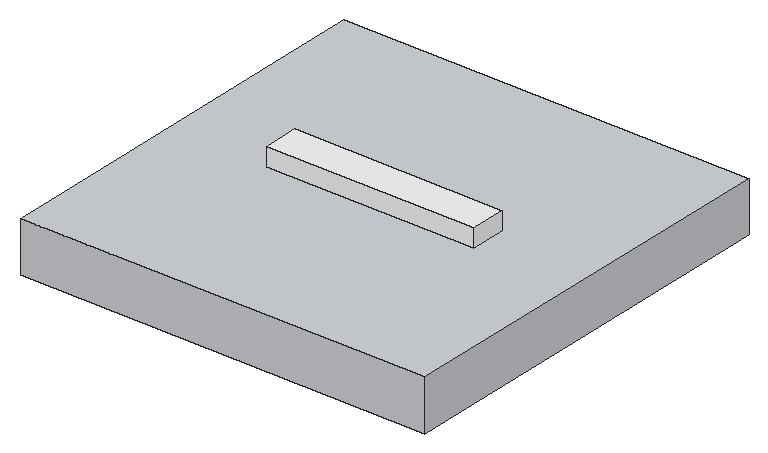
Revit family "EL-LF-HH4532A2AHN_()0000003062_Facebased_ver-2-0_2022_tsuujou_LDL40TN1725G3", category 照明器具, Revit 2022
Family settings
  ホスト = 面
  丸型コネクタ寸法 = 直径を使用
  パーツ タイプ = 標準
  ロード時にボイドで切り取り = いいえ
  光源 = いいえ
  注釈の向きを維持 = いいえ
  共有 = いいえ
  部屋計算ポイント = いいえ
Parameters (values of type "_固定出力_初期照度補正機能搭載なし__")
  電源種別_記号 = ""
  電源種別 = ""
  電圧指定 = 1
  防災用照明器具電源種別 = ""
  防災用照明器具種類 = ""
  開口部寸法(径) = 0 mm
  開口部寸法(幅) = 0 mm
  開口部寸法(奥行) = 0 mm
  配光角 = 0
  運転質量 = 0.00 kg
  質量 = 0.00 kg
  負荷分類 = none
  Description = ""
  誘導灯形式 = ""
  誘導灯仕様 = ""
  認定番号 = ""
  設置面露出寸法 [instance] = 108 mm
  設置方法 = "直付"
  記号 = ""
  製造元 = "三菱電機照明株式会社"
  製品質量 = 0.00 kg
  製品出荷対象 = ""
  製品リリース年月 = ""
  製品グループ = ""
  背面形式 = ""
  系統2 [instance] = ""
  系統 [instance] = ""
  符号 = ""
  積算_科目2 = ""
  積算_科目 = "1 電灯設備"
  積算_拾い区分 [instance] = ""
  種別 [instance] = ""
  相 = 1
  直径 = 0 mm
  盤記号2 [instance] = ""
  盤記号 [instance] = ""
  Apparent Load = 定格入力電圧 * 定格入力電流  # 43 VA
  用途 = ""
  特殊仕様 [instance] = ""
  built-in parameter 1140040 [instance] = 1
  照明制御装置の種類 = ""
  消費電力3 = 42.0 W
  消費電力2 = 42.0 W
  消費電力1 = 42.0 W
  法定耐用年数 = ""
  極数 = 1
  材質_本体 = none
  材質_反射板 = none
  材質_ルーバー = none
  材質_カバー = none
  材質 [instance] = ""
  本体 [instance] = 本体(グレー)
  Default Elevation = 1219.2 mm
  形式 = "笠付"
  平均演色評価数(Ra) = 83
  定格消費電力 = if(電圧指定 = 1, 消費電力1, if(電圧指定 = 2, 消費電力2, if(電圧指定 = 3, 消費電力3, 消費電力1)))  # 42.0 W
  定格入力電流 = if(電圧指定 = 1, 入力電流1, if(電圧指定 = 2, 入力電流2, if(電圧指定 = 3, 入力電流3, 入力電流1)))  # 0.430 A
  定格入力電圧 = if(電圧指定 = 1, [入力電圧1(電圧指定=1)], if(電圧指定 = 2, [入力電圧2(電圧指定=2)], if(電圧指定 = 3, [入力電圧3(電圧指定=3)], [入力電圧1(電圧指定=1)])))  # 100 V
  定格入力容量 = 定格入力電圧 * 定格入力電流  # 43 VA
  定格光束 = 0 lm
  安定器_蛍光灯 = ""
  安定器_定格電圧 = 0 V
  安定器_入力電流 = 0.000 A
  安定器_入力電力 = 0.0 W
  安定器_二次電圧 = 0 V
  固有エネルギー消費効率(lm/W) = 32.8571
  器具サイズ = ""
  呼称 = "Lﾌｧｲﾝecoｼﾘｰｽﾞ非常灯"
  周波数 = 0 Hz
  名称 [instance] = ""
  参照している仕様書等のバージョン = ""
  分類コード = "40300000000000"
  分類グループ = ""
  公共型番 = ""
  入力電流3 = 0.180 A
  入力電流2 = 0.220 A
  入力電流1 = 0.430 A
  入力電圧3(電圧指定=3) = 242 V
  入力電圧2(電圧指定=2) = 200 V
  入力電圧1(電圧指定=1) = 100 V
  光源 [instance] = 光源
  保守率(3)悪いのコメント = "保守率悪いの場合：0.81"
  保守率(2)普通のコメント = "保守率普通の場合：0.86"
  保守率(1)良いのコメント = "保守率良いの場合：0.88"
  企業コード = "118713"
  付属品 [instance] = ""
  仕様書バージョン = ""
  仕様 = ""
  ランプの種類 = ""
  ランプ_電流 = 0.000 A
  ランプ_本数 = 2
  ランプ_定格消費電力 = 0.0 W
  ランプ_定格消費効率(lm/W) = 0
  ランプ_大きさ = ""
  ランプ_全光束 = 5000 lm
  ランプ = "LDL40T･N/17/25･G3"
  モデル = "EL-LF-HH4532A/2 AHN"
  サービススペース = no
  コンバート開始日時 = "2023年09月08日(金) 11時16分19秒242"
  Type Comments = ""
  コメント [instance] = ""
  グレア分類 = ""
  カバー形状 = ""
  Assembly Code = ""
  Width = 1248 mm
  Version = ""
  Uniclass2015Version = ""
  Uniclass2015Title = ""
  Uniclass2015Code = ""
  URL = "https://www.mitsubishielectric.co.jp/group/mlf/"
  SpecificationReference = ""
  SpecificationDescription = ""
  Revision = ""
  ProductInformation = ""
  OmniClassCode = ""
  LED制御装置 = "一般形(LN)"
  IfcTypeProduct = ""
  IfcProduct = ""
  IfcExportType = ""
  IfcExportAs = "IfcLightFixtureType"
  Height = 108 mm
  FamilyVersion = ""
  Depth = 215 mm
  Clearance Top = 0 mm
  Clearance Right = 0 mm
  Clearance Left = 0 mm
  Clearance Front = 0 mm
  Clearance Bottom = 0 mm
  Clearance Back = 0 mm
  Author = "三菱電機照明"
Reference planes
  plane 1 "中心(正面/背面)": y = 0
  plane 2: z = 0
  plane 3 "中心(左/右)": x = 0
  plane 4 "光源高さ": z = 108
  plane 5 "正面": y = -107.5
  plane 6 "背面": y = 107.5
  plane 7 "前後芯": y = 0
  plane 8 "左": x = -624
  plane 9 "右": x = 624
  plane 10 "左右芯": x = 0
  plane 11 "上": z = 0
Forms (mm)
  Extrusion 1, solid
    sketch origin (0, 0, 0) x (1, 0, 0) y (0, 1, 0)
      loop
        line (-1219.2, 1219.2) -> (-1219.2, -1219.2) -> (1219.2, -1219.2) -> (1219.2, 1219.2) -> (-1219.2, 1219.2)
    from 0 to -304.8
  Extrusion 2, solid
    sketch origin (1524, 2097.409, 0) x (0, 1, 0) y (1, 0, 0)
      loop
        line (-2204.909, -2148) -> (-1989.909, -2148) -> (-1989.909, -900) -> (-2204.909, -900) -> (-2204.909, -2148)
    from 0 to -108
Dimensions and locks
  "Width": plane 8 "左" to plane 9 "右"
  equal spacing: plane 8 "左", plane 10 "左右芯", plane 9 "右"
  "Depth": plane 5 "正面" to plane 6 "背面"
  equal spacing: plane 5 "正面", plane 7 "前後芯", plane 6 "背面"
  "Height": plane 11 "上" to plane 4 "光源高さ"
  "設置面露出寸法": level to plane 4 "光源高さ"
  aligned and locked: plane 2 to Extrusion 1
  aligned and locked: level to Extrusion 1
  aligned and locked: plane 11 "上" to Extrusion 2
  aligned and locked: Extrusion 2 to plane 4 "光源高さ"
  aligned and locked: plane 9 "右" to Extrusion 2
  aligned and locked: Extrusion 2 to plane 8 "左"
  aligned and locked: plane 5 "正面" to Extrusion 2
  aligned and locked: Extrusion 2 to plane 6 "背面"
Automatic sketch dimensions
  Extrusion 1 sketch curve to Extrusion 1 sketch curve = 2438.4 mm  (x2)
  plane 5 "正面" to Extrusion 2 sketch curve = 0 mm
  plane 6 "背面" to Extrusion 2 sketch curve = 0 mm
  Extrusion 2 sketch curve to plane 9 "右" = 0 mm
  Extrusion 2 sketch curve to plane 8 "左" = 0 mm
Connectors
  electrical at (0, 0, 0)
    settings: on Extrusion 2, index 1, voltage 0 V, apparent load 0 VA, apparent load phase1 0 VA, apparent load phase2 0 VA, apparent load phase3 0 VA, power factor 1, load classification "その他", number of poles 1, system type 31, power factor state 1, is connector primary yes, connector utility no, sub classification motor no, connector description ""
